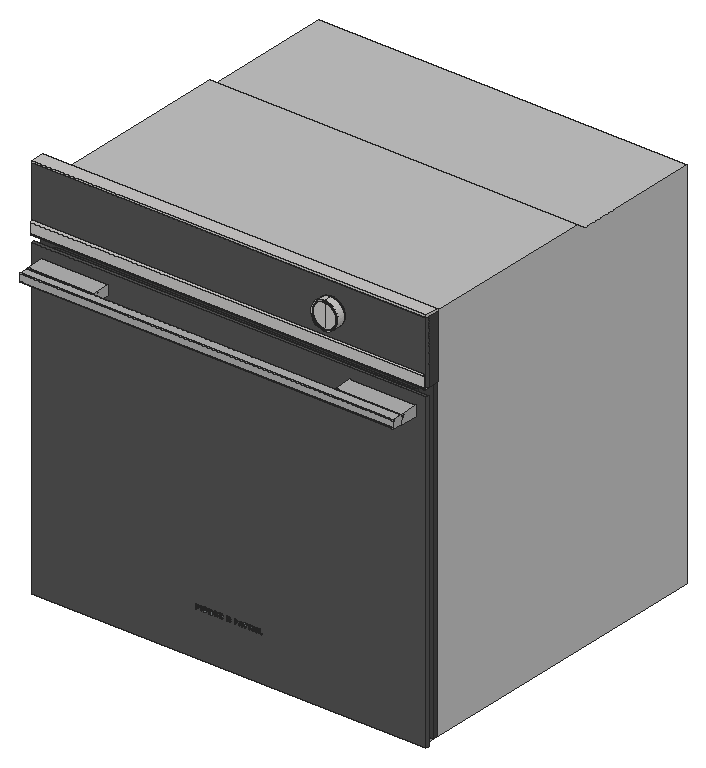
Revit family "FP-Revit18-OS24SDTDX2-CombiSteamOven-0-CA-US-90002670A", category Specialty Equipment, Revit 2018
Family settings
  Round Connector Dimension = Use Diameter
  Part Type = Normal
  OmniClass Number = 23.40.40.14.17.11
  OmniClass Title = Cookers, Ovens, Stoves
  Work Plane-Based = No
  Always vertical = Yes
  Cut with Voids When Loaded = Yes
  Shared = No
  Room Calculation Point = No
Parameters (values of type "OS24SDTDX2")
  Visibility - Clearance Required = yes
  URL = "www.fisherpaykel.com"
  Product - Width = 596 mm  # constant formula
  Product - Height = 598 mm  # constant formula
  Product - Depth = 566 mm  # constant formula
  Model = "OS24SDTDX2"
  Material - Trim = Fisher & Paykel - Stainless Steel
  Material - Structure = Fisher & Paykel - Black
  Material - Logo = Fisher & Paykel - Graphics Grey
  Material - Handle = Fisher & Paykel - Aluminium
  Material - Glass = Fisher & Paykel - Glass, Black
  Material - Buttons and Dials = Fisher & Paykel - Stainless Steel
  Material - Body = Fisher & Paykel - Grey
  Material - Bezel = Fisher & Paykel - Bezel Red
  Manufacturer = "Fisher & Paykel Appliances"
  FFL Offset [instance] = 200 mm
  Description = "24\" Combination Steam Oven"
  Connector Note - Electrical = "208-240 V, 16.5 - 19 A,  60 Hz"
  Chassis - Width = 556 mm  # constant formula
  Chassis - Height = 577 mm  # constant formula
  Chassis - Depth = 545 mm  # constant formula
  Cavity - Width = 600 mm  # constant formula
  Cavity - Height = 600 mm  # constant formula
  Cavity - Depth = 550 mm  # constant formula
Reference planes
  plane 1 "Datum": y = 0
  plane 2: z = 0
  plane 3 "Center (Left/Right)": x = 0
  plane 4 "Cavity": z = 780
  plane 5 "Product Height": z = 798
  plane 6 "Product LHS": x = -298
  plane 7 "Product RHS": x = 298
  plane 8 "Cavity LHS": x = -300
  plane 9 "Cavity RHS": x = 300
  plane 10 "Cavity - Depth": y = 550
  plane 11 "Product Depth": y = 545
  plane 12 "Front Face": y = -21
  plane 13 "Dial": x = 154.861
  plane 14 "FFL Offset": z = 200
  plane 15 "Cavity Height": z = 800
  plane 16 "KNOB 32": x = -282.5
  plane 17 "KNOB 33": x = 282.5
  plane 18 "LHS Standoff": x = -182.5
  plane 19 "RHS Standoff": x = 182.5
Forms (mm)
  Extrusion 1, solid, material "Fisher & Paykel - Grey" <- "Material - Body"
    sketch origin (0, 0, 0) x (0, 1, 0) y (0, 0, 1)
      loop
        line (0, 200) -> (527.082, 200) -> (527.082, 392.821) -> (545, 410.738) -> (545, 606.184) -> (496, 658.73) -> (496, 767.871) -> (302.605, 767.871) -> (290.524, 777) -> (0, 777) -> (0, 200)
    from -278 to 278
  Extrusion 2, void
    sketch origin (0, 0, 0) x (1, 0, 0) y (0, 1, 0)
      loop
        line (-199.196, 545) -> (-278, 545) -> (-278, 496) -> (-229.815, 496) -> (-199.196, 545)
      loop
        line (278, 496) -> (278, 545) -> (75.362, 545) -> (93.838, 526.523) -> (211.079, 526.523) -> (229.419, 496) -> (278, 496)
    from 200 to 767.871
  Extrusion 3, solid, material "Fisher & Paykel - Black" <- "Material - Structure"
    sketch origin (0, 0, 0) x (0, 1, 0) y (0, 0, 1)
      loop
        line (-17, 795.1) -> (-17, 698) -> (0, 698) -> (0, 795.1) -> (-17, 795.1)
    from -298 to 298
  Extrusion 4, solid, material "Fisher & Paykel - Glass, Black" <- "Material - Glass"
    sketch origin (0, 0, 0) x (1, 0, 0) y (0, 0, 1)
      loop
        line (-298, 687) -> (-298, 211.846) -> (298, 211.846) -> (298, 687) -> (-298, 687)
      loop
        line (-298, 699.5) -> (298, 699.5) -> (298, 795.1) -> (-298, 795.1) -> (-298, 699.5)
    from 17 to 21
  Extrusion 5, solid, material "Fisher & Paykel - Black" <- "Material - Structure"
    sketch origin (0, 0, -4.7) x (0, 1, 0) y (0, 0, 1)
      loop
        line (-17, 690.771) -> (-17, 224.7) -> (-5, 224.7) -> (-5, 687.442) -> (-14.146, 690.771) -> (-17, 690.771)
    from -272.5 to 272.5
  Extrusion 6, solid, material "Fisher & Paykel - Black" <- "Material - Structure"
    sketch origin (0, 0, 0) x (1, 0, 0) y (0, 0, 1)
      loop
        arc (269.803, 698) -> (257.581, 690.14) -> (243.393, 687) r 41.294
        line (243.393, 687) -> (-243.393, 687)
        arc (-243.393, 687) -> (-257.581, 690.14) -> (-269.803, 698) r 41.294
        line (-269.803, 698) -> (-297.5, 698) -> (-297.5, 218) -> (297.5, 218) -> (297.5, 698) -> (269.803, 698)
    from 0 to 5.4
  Extrusion 7, solid, material "Fisher & Paykel - Clearance Required", visible <- "Visibility - Clearance Required", detail levels coarse
    sketch origin (0, 0, 0) x (0, 1, 0) y (0, 0, 1)
      loop
        line (0, 800) -> (-191.375, 800) -> (-191.375, 636.155)
        arc (-191.375, 636.155) -> (-381.908, 479.03) -> (-481.8, 253.169) r 536.161
        line (-481.8, 253.169) -> (-465.804, 252.809) -> (-466.989, 210.782) -> (-451.592, 210.354) -> (-450.407, 252.375) -> (-21, 240.267) -> (-21, 200) -> (0, 200) -> (0, 800)
    from -300 to 300
  Extrusion 8, solid, material "Fisher & Paykel - Clearance Required", visible <- "Visibility - Clearance Required", detail levels coarse
    sketch origin (0, 0, 0) x (1, 0, 0) y (0, 1, 0)
      loop
        line (-280, 0) -> (280, 0) -> (280, 550) -> (-280, 550) -> (-280, 0)
    from 200 to 780
  Extrusion 9, void
    sketch origin (0, 0, 0) x (1, 0, 0) y (0, 1, 0)
      loop
        line (-300, -21) -> (300, -21) -> (300, 0) -> (-300, 0) -> (-300, -21)
    from 200 to 800
  Extrusion 10, solid, material "Fisher & Paykel - Stainless Steel" <- "Material - Trim", detail levels fine
    sketch origin (0, 0, 0) x (0, 1, 0) y (0, 0, 1)
      loop
        line (-22.95, 715.033) -> (-22.95, 699.235)
        arc (-22.95, 699.235) -> (-22.588, 698.362) -> (-21.715, 698) r 1.235
        line (-21.715, 698) -> (-18.526, 698) -> (-18.526, 699.5) -> (-21, 699.5) -> (-21, 717.646) -> (-21.788, 717.646) -> (-22.95, 715.033)
    from -298 to 298
  Extrusion 11, void
    sketch origin (0, 0, 0) x (1, 0, 0) y (0, 1, 0)
      loop
        line (-280, 550) -> (-280, 0) -> (280, 0) -> (280, 550) -> (-280, 550)
    from 200 to 780
  Extrusion 12, solid, material "Fisher & Paykel - Stainless Steel" <- "Material - Trim"
    sketch origin (154.861, 0, 0) x (0, 1, 0) y (0, 0, 1)
      loop
        line (0, 798) -> (-21, 798) -> (-21, 795.1) -> (0, 795.1) -> (0, 798)
    from -452.861 to 143.139
  Extrusion 13, solid, material "Fisher & Paykel - Graphics Grey" <- "Material - Logo", detail levels fine
    sketch origin (0, 0, 0) x (1, 0, 0) y (0, 0, 1)
      loop
        line (-50.044, 278.956) -> (-48.47, 278.956) -> (-48.47, 281.094) -> (-46.011, 281.094) -> (-46.011, 282.428) -> (-48.47, 282.428) -> (-48.47, 283.668) -> (-45.795, 283.668) -> (-45.795, 284.996) -> (-50.044, 284.996) -> (-50.044, 278.956)
      loop
        line (-42.804, 284.996) -> (-42.804, 278.956) -> (-41.23, 278.956) -> (-41.23, 284.996) -> (-42.804, 284.996)
      loop
        line (-30.724, 284.996) -> (-30.724, 278.956) -> (-29.151, 278.956) -> (-29.151, 281.376) -> (-26.839, 281.376) -> (-26.839, 278.956) -> (-25.265, 278.956) -> (-25.265, 284.996) -> (-26.839, 284.996) -> (-26.839, 282.704) -> (-29.151, 282.704) -> (-29.151, 284.996) -> (-30.724, 284.996)
      loop
        line (-21.906, 284.996) -> (-21.906, 278.956) -> (-17.602, 278.956) -> (-17.602, 280.284) -> (-20.347, 280.284) -> (-20.347, 281.376) -> (-17.838, 281.376) -> (-17.838, 282.704) -> (-20.347, 282.704) -> (-20.347, 283.668) -> (-17.602, 283.668) -> (-17.602, 284.996) -> (-21.906, 284.996)
      loop
        line (45.667, 284.996) -> (45.667, 278.956) -> (49.956, 278.956) -> (49.956, 280.284) -> (47.241, 280.284) -> (47.241, 284.996) -> (45.667, 284.996)
      loop
        line (42.431, 284.996) -> (38.112, 284.996) -> (38.112, 278.956) -> (42.431, 278.956) -> (42.431, 280.284) -> (39.687, 280.284) -> (39.687, 281.376) -> (42.195, 281.376) -> (42.195, 282.704) -> (39.687, 282.704) -> (39.687, 283.668) -> (42.431, 283.668) -> (42.431, 284.996)
      loop
        line (33.451, 282.104) -> (35.683, 284.996) -> (33.844, 284.996) -> (31.915, 282.498) -> (31.915, 284.996) -> (30.342, 284.996) -> (30.342, 278.956) -> (31.915, 278.956) -> (31.915, 281.661) -> (33.903, 278.956) -> (35.763, 278.956) -> (33.451, 282.104)
      loop
        line (21.98, 284.996) -> (24.262, 281.376) -> (24.262, 278.956) -> (25.837, 278.956) -> (25.837, 281.297) -> (28.119, 284.996) -> (26.446, 284.996) -> (25.099, 282.663) -> (23.753, 284.996) -> (21.98, 284.996)
      loop
        line (18.479, 284.996) -> (16.983, 284.996) -> (14.524, 278.956) -> (16.069, 278.956) -> (16.501, 280.068) -> (18.921, 280.068) -> (19.354, 278.956) -> (20.938, 278.956) -> (18.479, 284.996)
      loop
        line (18.4, 281.395) -> (17.693, 283.13) -> (17.018, 281.395) -> (18.4, 281.395)
      loop
        line (8.031, 284.996) -> (8.031, 278.956) -> (9.605, 278.956) -> (9.605, 280.894) -> (10.599, 280.894)
        arc (10.599, 280.894) -> (12.65, 282.945) -> (10.599, 284.996) r 2.051
        line (10.599, 284.996) -> (8.031, 284.996)
      loop
        line (9.605, 283.668) -> (9.605, 282.153) -> (10.501, 282.153)
        arc (10.501, 282.153) -> (11.259, 282.91) -> (10.501, 283.668) r 0.757
        line (10.501, 283.668) -> (9.605, 283.668)
      loop
        line (-11.783, 284.996) -> (-14.366, 284.996) -> (-14.366, 278.956) -> (-12.792, 278.956) -> (-12.792, 280.292) -> (-11.992, 280.292) -> (-10.972, 278.956) -> (-9.153, 278.956) -> (-10.694, 280.929)
        arc (-10.694, 280.929) -> (-9.678, 283.38) -> (-11.783, 284.996) r 2.179
      loop
        line (-11.897, 283.668) -> (-12.792, 283.668) -> (-12.792, 282.009) -> (-11.897, 282.009)
        arc (-11.897, 282.009) -> (-11.068, 282.838) -> (-11.897, 283.668) r 0.83
      loop
        line (0.477, 283.668) -> (0.477, 285.108) -> (-3.575, 285.108) -> (-3.575, 283.807) -> (-2.974, 283.067)
        arc (-2.974, 283.067) -> (-3.51, 279.639) -> (-0.045, 279.467) r 2.334
        line (-0.045, 279.467) -> (0.46, 278.847) -> (2.246, 278.847) -> (0.86, 280.55) -> (2.061, 282.28) -> (0.443, 282.28) -> (-0.013, 281.623) -> (-1.677, 283.668) -> (0.477, 283.668)
      loop
        arc (-2.125, 282.024) -> (-2.269, 280.624) -> (-0.868, 280.48) r 0.996
        line (-0.868, 280.48) -> (-2.125, 282.024)
      loop
        line (-35.18, 282.59) -> (-36.516, 282.866)
        arc (-36.516, 282.866) -> (-37.049, 283.399) -> (-36.516, 283.932) r 0.533
        arc (-36.516, 283.932) -> (-35.235, 283.746) -> (-34.059, 283.203) r 4.505
        line (-34.059, 283.203) -> (-34.059, 284.699)
        arc (-34.059, 284.699) -> (-35.549, 285.135) -> (-37.1, 285.065) r 4.726
        arc (-37.1, 285.065) -> (-38.536, 283.291) -> (-37.1, 281.516) r 1.814
        line (-37.1, 281.516) -> (-35.754, 281.238)
        arc (-35.754, 281.238) -> (-35.221, 280.705) -> (-35.754, 280.172) r 0.533
        arc (-35.754, 280.172) -> (-37.035, 280.358) -> (-38.211, 280.901) r 4.505
        line (-38.211, 280.901) -> (-38.211, 279.405)
        arc (-38.211, 279.405) -> (-36.72, 278.969) -> (-35.169, 279.039) r 4.726
        arc (-35.169, 279.039) -> (-33.734, 280.819) -> (-35.18, 282.59) r 1.814
    from 20 to 21
  Extrusion 14, void
    sketch origin (0, 0, 0) x (1, 0, 0) y (0, 0, 1)
      loop
        line (-229.748, 203) -> (-229.748, 200) -> (229.748, 200) -> (229.748, 203) -> (-229.748, 203)
    from -406 to 0
  Extrusion 15, solid, material "Fisher & Paykel - Aluminium" <- "Material - Handle", detail levels fine
    sketch origin (0, -22, 663.3) x (0, 1, 0) y (0, 0, 1)
      loop
        arc (-26.813, 6.16) -> (-27.196, 6.554) -> (-27.728, 6.686) r 1
        line (-27.728, 6.686) -> (-40.035, 6.256)
        arc (-40.035, 6.256) -> (-40.719, 5.951) -> (-41, 5.257) r 1
        line (-41, 5.257) -> (-41, -5.257)
        arc (-41, -5.257) -> (-40.719, -5.951) -> (-40.035, -6.256) r 1
        line (-40.035, -6.256) -> (-27.709, -6.686)
        arc (-27.709, -6.686) -> (-27.175, -6.554) -> (-26.792, -6.158) r 1
        arc (-26.792, -6.158) -> (-25.256, 0.004) -> (-26.813, 6.16) r 13.038
    from -282.5 to 282.5
  Extrusion 16, solid, material "Fisher & Paykel - Aluminium" <- "Material - Handle", detail levels fine
    sketch origin (0, -22, 663.3) x (0, 1, 0) y (0, 0, 1)
      loop
        arc (-26.626, -6.008) -> (-26.614, -6.49) -> (-26.2, -6.737) r 0.5
        line (-26.2, -6.737) -> (1, -7.732) -> (1, 7.741) -> (-26.174, 6.747)
        arc (-26.174, 6.747) -> (-26.587, 6.5) -> (-26.6, 6.019) r 0.5
        arc (-26.6, 6.019) -> (-25.156, 0.002) -> (-26.626, -6.008) r 13.136
    from 182.5 to 282.5
  Extrusion 17, solid, material "Fisher & Paykel - Aluminium" <- "Material - Handle", detail levels coarse+medium
    sketch origin (0, -23, 663.3) x (1, 0, 0) y (0, 1, 0)
      loop
        line (-282.5, -40) -> (282.5, -40) -> (282.5, 2) -> (182.5, 2) -> (182.5, -24.334) -> (-182.5, -24.334) -> (-182.5, 2) -> (-282.5, 2) -> (-282.5, -40)
    from -8.022 to 7.978
  Extrusion 18, solid, material "Fisher & Paykel - Aluminium" <- "Material - Handle", detail levels fine
    sketch origin (0, -22, 663.3) x (0, 1, 0) y (0, 0, 1)
      loop
        arc (-26.626, -6.008) -> (-26.614, -6.49) -> (-26.2, -6.737) r 0.5
        line (-26.2, -6.737) -> (1, -7.732) -> (1, 7.741) -> (-26.174, 6.747)
        arc (-26.174, 6.747) -> (-26.587, 6.5) -> (-26.6, 6.019) r 0.5
        arc (-26.6, 6.019) -> (-25.156, 0.002) -> (-26.626, -6.008) r 13.136
    from -282.5 to -182.5
  Revolve 19, solid, material "Fisher & Paykel - Stainless Steel" <- "Material - Buttons and Dials", detail levels fine
    sketch origin (154.861, -21, 753.32) x (0, 1, 0) y (0, 0, 1)
      loop
        line (0, 20.5) -> (-0.8, 20.5) -> (-0.8, 16.038) -> (-2.264, 16.038) -> (-2.264, 20.5) -> (-13.8, 20.5) -> (-13.8, 19.7) -> (-13.289, 18.5) -> (-9.2, 18.5) -> (-9.2, 17.7) -> (-13.289, 17.7) -> (-13.289, 0) -> (0, 0) -> (0, 20.5)
      axis (0, 0) -> (-13.8, 0)
    angle from 0 to 360
  Extrusion 20, solid, material "Fisher & Paykel - Bezel Red" <- "Material - Bezel", detail levels fine
    sketch origin (154.861, -21, 753.32) x (1, 0, 0) y (0, 0, 1)
      loop
        circle (0, 0) r 17.7
      loop
        circle (0, 0) r 18.5
    from 9.2 to 13.289
  Extrusion 21, solid, material "Fisher & Paykel - Stainless Steel" <- "Material - Buttons and Dials", detail levels coarse+medium
    sketch origin (0, 0, 0) x (1, 0, 0) y (0, 0, 1)
      loop
        circle (154.861, 753.32) r 20.5
    from 21 to 35
  Revolve 22, solid, material "Fisher & Paykel - Stainless Steel" <- "Material - Buttons and Dials", not visible, detail levels fine
    sketch origin (154.861, -21, 753.32) x (0, 1, 0) y (0, 0, 1)
      loop
        line (0, 20.5) -> (-0.8, 20.5) -> (-0.8, 16.038) -> (-2.264, 16.038) -> (-2.264, 20.5) -> (-13.8, 20.5) -> (-13.8, 19.7) -> (-13.289, 18.5) -> (-9.2, 18.5) -> (-9.2, 17.7) -> (-13.289, 17.7) -> (-13.289, 0) -> (0, 0) -> (0, 20.5)
      axis (0, 0) -> (-13.8, 0)
    angle from 0 to 360
  Extrusion 23, solid, material "Fisher & Paykel - Bezel Red" <- "Material - Bezel", not visible, detail levels fine
    sketch origin (154.861, -21, 753.32) x (1, 0, 0) y (0, 0, 1)
      loop
        circle (0, 0) r 17.7
      loop
        circle (0, 0) r 18.5
    from 9.2 to 13.289
  Extrusion 24, solid, material "Fisher & Paykel - Stainless Steel" <- "Material - Buttons and Dials", not visible, detail levels coarse+medium
    sketch origin (0, 0, 0) x (1, 0, 0) y (0, 0, 1)
      loop
        circle (154.861, 753.32) r 20.5
    from 21 to 35
  Sweep 25, solid, material "Fisher & Paykel - Grey" <- "Material - Body"
    path origin (-197.035, 0, 0) x (0, 1, 0) y (0, 0, 1)
      loop
        line (478.272, 708.8) -> (498.6, 708.8)
        arc (498.6, 708.8) -> (507.085, 705.285) -> (510.6, 696.8) r 12
        line (510.6, 696.8) -> (510.6, 678.8)
    profile origin (-197.035, 488.436, 708.8) x (0, 0, 1) y (1, 0, 0)
      loop
        line (0, 11) -> (-11, 11) -> (-11, -11) -> (0, -11)
        arc (0, -11) -> (11, 0) -> (0, 11) r 11
  Extrusion 26, solid, material "Fisher & Paykel - Aluminium" <- "Material - Handle", not visible, detail levels fine
    sketch origin (0, -22, 663.3) x (0, 1, 0) y (0, 0, 1)
      loop
        arc (-26.813, 6.16) -> (-27.196, 6.554) -> (-27.728, 6.686) r 1
        line (-27.728, 6.686) -> (-40.035, 6.256)
        arc (-40.035, 6.256) -> (-40.719, 5.951) -> (-41, 5.257) r 1
        line (-41, 5.257) -> (-41, -5.257)
        arc (-41, -5.257) -> (-40.719, -5.951) -> (-40.035, -6.256) r 1
        line (-40.035, -6.256) -> (-27.709, -6.686)
        arc (-27.709, -6.686) -> (-27.175, -6.554) -> (-26.792, -6.158) r 1
        arc (-26.792, -6.158) -> (-25.256, 0.004) -> (-26.813, 6.16) r 13.038
    from -282.5 to 282.5
  Extrusion 27, solid, material "Fisher & Paykel - Aluminium" <- "Material - Handle", not visible, detail levels fine
    sketch origin (0, -22, 663.3) x (0, 1, 0) y (0, 0, 1)
      loop
        arc (-26.626, -6.008) -> (-26.614, -6.49) -> (-26.2, -6.737) r 0.5
        line (-26.2, -6.737) -> (1, -7.732) -> (1, 7.741) -> (-26.174, 6.747)
        arc (-26.174, 6.747) -> (-26.587, 6.5) -> (-26.6, 6.019) r 0.5
        arc (-26.6, 6.019) -> (-25.156, 0.002) -> (-26.626, -6.008) r 13.136
    from 182.5 to 282.5
  Extrusion 28, solid, material "Fisher & Paykel - Aluminium" <- "Material - Handle", not visible, detail levels coarse+medium
    sketch origin (0, -23, 663.3) x (1, 0, 0) y (0, 1, 0)
      loop
        line (-282.5, -40) -> (282.5, -40) -> (282.5, 2) -> (182.5, 2) -> (182.5, -24.334) -> (-182.5, -24.334) -> (-182.5, 2) -> (-282.5, 2) -> (-282.5, -40)
    from -8.022 to 7.978
  Extrusion 29, solid, material "Fisher & Paykel - Aluminium" <- "Material - Handle", not visible, detail levels fine
    sketch origin (0, -22, 663.3) x (0, 1, 0) y (0, 0, 1)
      loop
        arc (-26.626, -6.008) -> (-26.614, -6.49) -> (-26.2, -6.737) r 0.5
        line (-26.2, -6.737) -> (1, -7.732) -> (1, 7.741) -> (-26.174, 6.747)
        arc (-26.174, 6.747) -> (-26.587, 6.5) -> (-26.6, 6.019) r 0.5
        arc (-26.6, 6.019) -> (-25.156, 0.002) -> (-26.626, -6.008) r 13.136
    from -282.5 to -182.5
Cuts and joins
  Extrusion 2, Extrusion 14 cuts Extrusion 1
Lines and regions (mm)
  model lines, style "Fisher & Paykel"
    curve 1: line (217.5, -21, 336) -> (-217.5, -21, 336)
    curve 2: line (217.5, -21, 619) -> (217.5, -21, 336)
    curve 3: line (-217.5, -21, 619) -> (217.5, -21, 619)
    curve 4: line (-217.5, -21, 336) -> (-217.5, -21, 619)
Text (mm)
  text "Disclaimer:\nWe endeavor to maintain the accuracy of our 3D content.\nHowever, product details are subject to change without notice.\nPlease refer to the product Data Sheets for the most current product information." at (41.04, -568.295, 0), in view "Ref. Level (Plan)"
Dimensions and locks
  equal spacing: plane 6 "Product LHS", plane 3 "Center (Left/Right)", plane 7 "Product RHS"
  "Product - Width": plane 6 "Product LHS" to plane 7 "Product RHS"
  equal spacing: plane 8 "Cavity LHS", plane 3 "Center (Left/Right)", plane 9 "Cavity RHS"
  "Cavity - Width": plane 8 "Cavity LHS" to plane 9 "Cavity RHS"
  "Cavity - Depth": plane 10 "Cavity - Depth" to plane 1 "Datum"
  "Chassis - Depth": plane 11 "Product Depth" to plane 1 "Datum"
  plane 12 "Front Face" to plane 1 "Datum" = 21 mm
  "Chassis - Width": cut or joined group of Extrusion 1, Extrusion 2, Extrusion 14 to cut or joined group of Extrusion 1, Extrusion 2, Extrusion 14
  "FFL Offset": plane 14 "FFL Offset" to level
  "Product - Height": plane 5 "Product Height" to plane 14 "FFL Offset"
  "Cavity - Height": Extrusion 7 to plane 14 "FFL Offset"
  locked: plane 4 "Cavity" to plane 14 "FFL Offset" at 580
  "Cavity - Height": plane 15 "Cavity Height" to plane 14 "FFL Offset"
  plane 16 "KNOB 32" to plane 17 "KNOB 33" = -304.8 mm
  locked: Extrusion 11 to Extrusion 11 at 560
  equal spacing: Extrusion 11, plane 3 "Center (Left/Right)", Extrusion 11
  Extrusion 4 to plane 14 "FFL Offset" = 11.846 mm
  locked: Extrusion 5 to plane 14 "FFL Offset" at 20
  plane 14 "FFL Offset" to Extrusion 3 = 498 mm
  locked: Extrusion 4 to plane 14 "FFL Offset" at 487  (x2)
  locked: Extrusion 6 sketch curve to Extrusion 6 sketch curve at 11  (x2)
  plane 14 "FFL Offset" to Extrusion 6 sketch curve = 18 mm
  locked: plane 14 "FFL Offset" to Extrusion 6 sketch curve at 498  (x2)
  locked: Extrusion 13 sketch curve to plane 14 "FFL Offset" at 78.956
  locked: cut or joined group of Extrusion 1, Extrusion 2, Extrusion 14 to plane 14 "FFL Offset" at 3
  locked: cut or joined group of Extrusion 1, Extrusion 2, Extrusion 14 to plane 14 "FFL Offset" at 577
  locked: curve 1 to plane 14 "FFL Offset" at 136
  locked: curve 3 to plane 14 "FFL Offset" at 419
  locked: cut or joined group of Extrusion 1, Extrusion 2, Extrusion 14 to plane 14 "FFL Offset" at 567.871
  locked: plane 5 "Product Height" to Extrusion 20 at 44.68
  locked: plane 4 "Cavity" to Extrusion 17 at 108.722
  locked: Extrusion 17 to plane 14 "FFL Offset" at 471.278
  "Product - Depth": plane 11 "Product Depth" to plane 12 "Front Face"
  aligned and locked: level to plane 2
  aligned and locked: plane 8 "Cavity LHS" to Extrusion 7
  aligned and locked: Extrusion 7 to plane 9 "Cavity RHS"
  aligned and locked: Extrusion 1 sketch curve to plane 14 "FFL Offset"
  aligned and locked: Extrusion 1 to Extrusion 2
  aligned and locked: plane 14 "FFL Offset" to Extrusion 7 sketch curve
  aligned and locked: Extrusion 11 to cut or joined group of Extrusion 1, Extrusion 2, Extrusion 14
  aligned and locked: plane 4 "Cavity" to Extrusion 11
  aligned and locked: plane 4 "Cavity" to Extrusion 8
  aligned and locked: Extrusion 8 to cut or joined group of Extrusion 1, Extrusion 2, Extrusion 14
  aligned and locked: Extrusion 9 to cut or joined group of Extrusion 1, Extrusion 2, Extrusion 14
  aligned and locked: Extrusion 9 to Extrusion 7
  aligned and locked: plane 15 "Cavity Height" to Extrusion 9
  aligned and locked: Extrusion 5 sketch curve to Extrusion 4
  aligned and locked: plane 5 "Product Height" to Extrusion 12 sketch curve
  aligned and locked: Extrusion 4 to Extrusion 12
  aligned and locked: Extrusion 3 to Extrusion 4
  aligned and locked: Extrusion 12 to plane 7 "Product RHS"
  aligned and locked: plane 6 "Product LHS" to Extrusion 12
  aligned and locked: plane 1 "Datum" to Extrusion 14
  aligned and locked: Extrusion 14 sketch curve to plane 14 "FFL Offset"
  aligned and locked: plane 11 "Product Depth" to cut or joined group of Extrusion 1, Extrusion 2, Extrusion 14
  aligned and locked: Extrusion 2 to cut or joined group of Extrusion 1, Extrusion 2, Extrusion 14
Automatic sketch dimensions
  Extrusion 15 sketch curve to Extrusion 15 sketch curve = 0.965 mm  (x2)
  Extrusion 15 sketch curve to Extrusion 15 sketch curve = 0.035 mm  (x4)
  Extrusion 15 sketch curve to Extrusion 15 sketch curve = 1.706 mm
  Extrusion 15 sketch curve to Extrusion 15 sketch curve = 12.307 mm
  Extrusion 15 sketch curve to Extrusion 15 sketch curve = 12.326 mm
  Extrusion 15 sketch curve to Extrusion 15 sketch curve = 0.999 mm  (x2)
  Extrusion 15 sketch curve to Extrusion 15 sketch curve = 5.238 mm
  Extrusion 15 sketch curve to Extrusion 15 sketch curve = 0 mm
  Extrusion 16 sketch curve to Extrusion 16 sketch curve = 12.091 mm
  Extrusion 16 sketch curve to Extrusion 16 sketch curve = 0.018 mm  (x2)
  Extrusion 16 sketch curve to Extrusion 16 sketch curve = 0.008 mm
  Extrusion 16 sketch curve to Extrusion 16 sketch curve = 27.174 mm
  Extrusion 16 sketch curve to Extrusion 16 sketch curve = 15.473 mm
  Extrusion 16 sketch curve to Extrusion 16 sketch curve = 0.5 mm  (x2)
  Extrusion 16 sketch curve to Extrusion 16 sketch curve = 0 mm
  Extrusion 17 sketch curve to Extrusion 17 sketch curve = 15.666 mm
  Extrusion 17 sketch curve to Extrusion 17 sketch curve = 26.334 mm  (x2)
  Extrusion 18 sketch curve to Extrusion 18 sketch curve = 12.091 mm
  Extrusion 18 sketch curve to Extrusion 18 sketch curve = 0.018 mm  (x2)
  Extrusion 18 sketch curve to Extrusion 18 sketch curve = 0.008 mm
  Extrusion 18 sketch curve to Extrusion 18 sketch curve = 27.174 mm
  Extrusion 18 sketch curve to Extrusion 18 sketch curve = 15.473 mm
  Extrusion 18 sketch curve to Extrusion 18 sketch curve = 0.5 mm  (x2)
  Extrusion 18 sketch curve to Extrusion 18 sketch curve = 0 mm
  Extrusion 15 sketch curve to Extrusion 15 sketch curve = 0.43 mm
  Extrusion 15 sketch curve to Extrusion 15 sketch curve = 5.275 mm
  Extrusion 15 sketch curve to Extrusion 15 sketch curve = 11.374 mm
  Extrusion 16 sketch curve to Extrusion 16 sketch curve = 0.995 mm
  Extrusion 16 sketch curve to Extrusion 16 sketch curve = 6.268 mm
  Extrusion 16 sketch curve to Extrusion 16 sketch curve = 12.255 mm
  Extrusion 17 sketch curve to Extrusion 17 sketch curve = 100 mm  (x2)
  Extrusion 17 sketch curve to Extrusion 17 sketch curve = 365 mm
  Extrusion 18 sketch curve to Extrusion 18 sketch curve = 0.995 mm
  Extrusion 18 sketch curve to Extrusion 18 sketch curve = 6.268 mm
  Extrusion 18 sketch curve to Extrusion 18 sketch curve = 12.255 mm
  curve 1 to plane 18 "LHS Standoff" = 35 mm
  plane 19 "RHS Standoff" to curve 3 = 35 mm
  Extrusion 20 sketch curve to Extrusion 20 sketch curve = 0 mm  (x4)
  Revolve 19 sketch curve to Revolve 19 sketch curve = 0.8 mm  (x3)
  Revolve 19 sketch curve to Revolve 19 sketch curve = 1.464 mm
  Revolve 19 sketch curve to Revolve 19 sketch curve = 6.936 mm
  Revolve 19 sketch curve to Revolve 19 sketch curve = 4.089 mm
  Revolve 19 sketch curve to Revolve 19 sketch curve = 0.511 mm
  Revolve 19 sketch curve to Revolve 19 sketch curve = 1.2 mm
  Revolve 19 sketch curve to Revolve 19 sketch curve = 0 mm  (x3)
  Revolve 19 sketch curve to Revolve 19 sketch curve = 0.329 mm
  Revolve 19 sketch curve to Revolve 19 sketch curve = 5.344 mm
  Revolve 19 sketch curve to Revolve 19 sketch curve = 16.038 mm
  Revolve 19 sketch curve to Revolve 19 sketch curve = 1.662 mm
  Extrusion 23 sketch curve to Extrusion 23 sketch curve = 0 mm  (x4)
  Revolve 22 sketch curve to Revolve 22 sketch curve = 0.8 mm  (x3)
  Revolve 22 sketch curve to Revolve 22 sketch curve = 1.464 mm
  Revolve 22 sketch curve to Revolve 22 sketch curve = 6.936 mm
  Revolve 22 sketch curve to Revolve 22 sketch curve = 4.089 mm
  Revolve 22 sketch curve to Revolve 22 sketch curve = 0.511 mm
  Revolve 22 sketch curve to Revolve 22 sketch curve = 1.2 mm
  Revolve 22 sketch curve to Revolve 22 sketch curve = 0 mm  (x3)
  Revolve 22 sketch curve to Revolve 22 sketch curve = 0.329 mm
  Revolve 22 sketch curve to Revolve 22 sketch curve = 5.344 mm
  Revolve 22 sketch curve to Revolve 22 sketch curve = 16.038 mm
  Revolve 22 sketch curve to Revolve 22 sketch curve = 1.662 mm
  Extrusion 1 sketch curve to plane 1 "Datum" = 0 mm
  Extrusion 1 sketch curve to plane 11 "Product Depth" = 0 mm
  Extrusion 1 sketch curve to plane 4 "Cavity" = 3 mm
  Extrusion 1 sketch curve to plane 11 "Product Depth" = 254.476 mm
  Extrusion 1 sketch curve to plane 4 "Cavity" = 12.129 mm
  Extrusion 1 sketch curve to Extrusion 1 sketch curve = 12.081 mm
  Extrusion 1 sketch curve to plane 11 "Product Depth" = 49 mm
  Extrusion 1 sketch curve to plane 11 "Product Depth" = 17.918 mm
  Extrusion 1 sketch curve to Extrusion 1 sketch curve = 192.821 mm
  Extrusion 1 sketch curve to Extrusion 1 sketch curve = 17.918 mm
  Extrusion 1 sketch curve to Extrusion 1 sketch curve = 161.687 mm
  Extrusion 1 sketch curve to Extrusion 1 sketch curve = 52.546 mm
  Extrusion 2 sketch curve to plane 11 "Product Depth" = 0 mm  (x2)
  Extrusion 2 sketch curve to plane 16 "KNOB 32" = 4.5 mm
  Extrusion 2 sketch curve to plane 18 "LHS Standoff" = 47.315 mm
  Extrusion 2 sketch curve to plane 18 "LHS Standoff" = 16.696 mm
  plane 3 "Center (Left/Right)" to Extrusion 2 sketch curve = 75.362 mm
  Extrusion 2 sketch curve to plane 11 "Product Depth" = 18.477 mm
  Extrusion 2 sketch curve to Extrusion 2 sketch curve = 18.477 mm
  plane 19 "RHS Standoff" to Extrusion 2 sketch curve = 28.579 mm
  Extrusion 2 sketch curve to Extrusion 2 sketch curve = 18.34 mm
  plane 17 "KNOB 33" to Extrusion 2 sketch curve = 4.5 mm
  Extrusion 2 sketch curve to plane 11 "Product Depth" = 49 mm
  Extrusion 2 sketch curve to Extrusion 2 sketch curve = 30.523 mm
  Extrusion 3 sketch curve to plane 1 "Datum" = 0 mm
  plane 12 "Front Face" to Extrusion 3 sketch curve = 4 mm
  Extrusion 3 sketch curve to plane 4 "Cavity" = 82 mm
  Extrusion 3 sketch curve to plane 5 "Product Height" = 2.9 mm
  plane 6 "Product LHS" to Extrusion 4 sketch curve = 0 mm  (x2)
  plane 7 "Product RHS" to Extrusion 4 sketch curve = 0 mm  (x2)
  plane 14 "FFL Offset" to Extrusion 4 sketch curve = 11.846 mm
  Extrusion 4 sketch curve to plane 4 "Cavity" = 93 mm
  Extrusion 4 sketch curve to Extrusion 4 sketch curve = 12.5 mm
  Extrusion 4 sketch curve to plane 5 "Product Height" = 2.9 mm
  Extrusion 5 sketch curve to Extrusion 5 sketch curve = 2.854 mm
  plane 1 "Datum" to Extrusion 5 sketch curve = 5 mm
  plane 14 "FFL Offset" to Extrusion 5 sketch curve = 20 mm
  Extrusion 5 sketch curve to plane 4 "Cavity" = 97.258 mm
  Extrusion 5 sketch curve to Extrusion 5 sketch curve = 3.329 mm
  Extrusion 6 sketch curve to plane 6 "Product LHS" = 0.5 mm
  Extrusion 6 sketch curve to plane 16 "KNOB 32" = 12.697 mm
  Extrusion 6 sketch curve to Extrusion 6 sketch curve = 26.41 mm
  Extrusion 6 sketch curve to plane 16 "KNOB 32" = 40.797 mm
  plane 17 "KNOB 33" to Extrusion 6 sketch curve = 40.797 mm
  plane 17 "KNOB 33" to Extrusion 6 sketch curve = 39.107 mm
  plane 7 "Product RHS" to Extrusion 6 sketch curve = 28.197 mm
  plane 7 "Product RHS" to Extrusion 6 sketch curve = 0.5 mm
  Extrusion 7 sketch curve to plane 15 "Cavity Height" = 0 mm
  Extrusion 7 sketch curve to plane 1 "Datum" = 0 mm
  Extrusion 7 sketch curve to plane 12 "Front Face" = 0 mm
  Extrusion 7 sketch curve to plane 12 "Front Face" = 170.375 mm
  plane 14 "FFL Offset" to Extrusion 7 sketch curve = 52.375 mm
  Extrusion 7 sketch curve to plane 12 "Front Face" = 429.407 mm
  plane 14 "FFL Offset" to Extrusion 7 sketch curve = 10.354 mm
  Extrusion 7 sketch curve to Extrusion 7 sketch curve = 1.185 mm
  plane 14 "FFL Offset" to Extrusion 7 sketch curve = 52.809 mm
  Extrusion 7 sketch curve to Extrusion 7 sketch curve = 15.397 mm  (x2)
  plane 14 "FFL Offset" to Extrusion 7 sketch curve = 10.782 mm
  plane 14 "FFL Offset" to Extrusion 7 sketch curve = 53.169 mm
  Extrusion 7 sketch curve to Extrusion 7 sketch curve = 15.996 mm
  Extrusion 7 sketch curve to plane 1 "Datum" = 45.308 mm
  Extrusion 7 sketch curve to plane 14 "FFL Offset" = 44.937 mm
  Extrusion 8 sketch curve to plane 10 "Cavity - Depth" = 0 mm
  plane 1 "Datum" to Extrusion 8 sketch curve = 0 mm
  Extrusion 8 sketch curve to plane 16 "KNOB 32" = 2.5 mm
  plane 17 "KNOB 33" to Extrusion 8 sketch curve = 2.5 mm
  plane 1 "Datum" to Extrusion 9 sketch curve = 0 mm
  Extrusion 9 sketch curve to plane 8 "Cavity LHS" = 0 mm
  Extrusion 9 sketch curve to plane 9 "Cavity RHS" = 0 mm
  Extrusion 9 sketch curve to plane 12 "Front Face" = 0 mm
  Extrusion 10 sketch curve to plane 12 "Front Face" = 0 mm
  Extrusion 10 sketch curve to plane 12 "Front Face" = 0.715 mm
  Extrusion 10 sketch curve to plane 12 "Front Face" = 0.788 mm
  Extrusion 10 sketch curve to plane 12 "Front Face" = 1.95 mm
  Extrusion 10 sketch curve to Extrusion 10 sketch curve = 2.474 mm
  Extrusion 10 sketch curve to plane 4 "Cavity" = 82 mm
  Extrusion 10 sketch curve to Extrusion 10 sketch curve = 0.265 mm
  Extrusion 10 sketch curve to Extrusion 10 sketch curve = 15.533 mm
  Extrusion 10 sketch curve to Extrusion 10 sketch curve = 2.613 mm
  plane 1 "Datum" to Extrusion 11 sketch curve = 0 mm
  Extrusion 11 sketch curve to plane 10 "Cavity - Depth" = 0 mm
  Extrusion 11 sketch curve to plane 16 "KNOB 32" = 2.5 mm
  plane 17 "KNOB 33" to Extrusion 11 sketch curve = 2.5 mm
  Extrusion 12 sketch curve to plane 12 "Front Face" = 0 mm
  Extrusion 12 sketch curve to plane 1 "Datum" = 0 mm
  Extrusion 12 sketch curve to Extrusion 12 sketch curve = 2.9 mm
  Extrusion 13 sketch curve to plane 3 "Center (Left/Right)" = 50.044 mm
  Extrusion 13 sketch curve to Extrusion 13 sketch curve = 1.574 mm  (x12)
  Extrusion 13 sketch curve to Extrusion 13 sketch curve = 2.459 mm
  Extrusion 13 sketch curve to Extrusion 13 sketch curve = 0.216 mm
  Extrusion 13 sketch curve to Extrusion 13 sketch curve = 3.207 mm
  Extrusion 13 sketch curve to Extrusion 13 sketch curve = 3.02 mm
  Extrusion 13 sketch curve to Extrusion 13 sketch curve = 1.11 mm
  Extrusion 13 sketch curve to Extrusion 13 sketch curve = 0.379 mm
  Extrusion 13 sketch curve to Extrusion 13 sketch curve = 0.206 mm  (x2)
  Extrusion 13 sketch curve to Extrusion 13 sketch curve = 0.36 mm  (x2)
  Extrusion 13 sketch curve to Extrusion 13 sketch curve = 0.402 mm
  Extrusion 13 sketch curve to Extrusion 13 sketch curve = 0 mm  (x21)
  Extrusion 13 sketch curve to Extrusion 13 sketch curve = 1.335 mm  (x2)
  Extrusion 13 sketch curve to Extrusion 13 sketch curve = 1.121 mm
  Extrusion 13 sketch curve to Extrusion 13 sketch curve = 3.335 mm
  Extrusion 13 sketch curve to Extrusion 13 sketch curve = 2.312 mm  (x2)
  Extrusion 13 sketch curve to Extrusion 13 sketch curve = 3.359 mm
  Extrusion 13 sketch curve to Extrusion 13 sketch curve = 1.559 mm
  Extrusion 13 sketch curve to Extrusion 13 sketch curve = 2.508 mm  (x2)
  Extrusion 13 sketch curve to Extrusion 13 sketch curve = 0.236 mm  (x4)
  Extrusion 13 sketch curve to Extrusion 13 sketch curve = 3.236 mm  (x2)
  Extrusion 13 sketch curve to Extrusion 13 sketch curve = 0.8 mm
  Extrusion 13 sketch curve to Extrusion 13 sketch curve = 0.895 mm
  Extrusion 13 sketch curve to Extrusion 13 sketch curve = 0.114 mm
  Extrusion 13 sketch curve to Extrusion 13 sketch curve = 1.02 mm
  Extrusion 13 sketch curve to Extrusion 13 sketch curve = 1.298 mm
  Extrusion 13 sketch curve to Extrusion 13 sketch curve = 1.82 mm
  Extrusion 13 sketch curve to plane 3 "Center (Left/Right)" = 3.575 mm
  Extrusion 13 sketch curve to Extrusion 13 sketch curve = 0.602 mm
  Extrusion 13 sketch curve to Extrusion 13 sketch curve = 0.849 mm
  Extrusion 13 sketch curve to Extrusion 13 sketch curve = 0.425 mm
  Extrusion 13 sketch curve to Extrusion 13 sketch curve = 1.297 mm
  Extrusion 13 sketch curve to Extrusion 13 sketch curve = 0.203 mm
  Extrusion 13 sketch curve to plane 3 "Center (Left/Right)" = 0.868 mm
  Extrusion 13 sketch curve to plane 3 "Center (Left/Right)" = 0.045 mm
  Extrusion 13 sketch curve to plane 3 "Center (Left/Right)" = 0.013 mm
  plane 3 "Center (Left/Right)" to Extrusion 13 sketch curve = 0.443 mm
  plane 3 "Center (Left/Right)" to Extrusion 13 sketch curve = 0.46 mm
  plane 3 "Center (Left/Right)" to Extrusion 13 sketch curve = 0.477 mm
  plane 3 "Center (Left/Right)" to Extrusion 13 sketch curve = 0.86 mm
  Extrusion 13 sketch curve to Extrusion 13 sketch curve = 1.618 mm
  Extrusion 13 sketch curve to Extrusion 13 sketch curve = 1.785 mm
  Extrusion 13 sketch curve to Extrusion 13 sketch curve = 5.971 mm
  Extrusion 13 sketch curve to Extrusion 13 sketch curve = 0.896 mm
  Extrusion 13 sketch curve to Extrusion 13 sketch curve = 0.994 mm
  Extrusion 13 sketch curve to Extrusion 13 sketch curve = 3.925 mm
  Extrusion 13 sketch curve to Extrusion 13 sketch curve = 1.545 mm
  Extrusion 13 sketch curve to Extrusion 13 sketch curve = 0.433 mm  (x2)
  Extrusion 13 sketch curve to Extrusion 13 sketch curve = 0.482 mm
  Extrusion 13 sketch curve to Extrusion 13 sketch curve = 0.517 mm
  Extrusion 13 sketch curve to Extrusion 13 sketch curve = 0.675 mm
  Extrusion 13 sketch curve to Extrusion 13 sketch curve = 1.381 mm
  Extrusion 13 sketch curve to Extrusion 13 sketch curve = 1.495 mm
  Extrusion 13 sketch curve to Extrusion 13 sketch curve = 0.522 mm
  Extrusion 13 sketch curve to Extrusion 13 sketch curve = 1.584 mm
  Extrusion 13 sketch curve to Extrusion 13 sketch curve = 3.502 mm
  Extrusion 13 sketch curve to Extrusion 13 sketch curve = 1.772 mm
  Extrusion 13 sketch curve to Extrusion 13 sketch curve = 0.51 mm
  Extrusion 13 sketch curve to Extrusion 13 sketch curve = 0.837 mm
  Extrusion 13 sketch curve to Extrusion 13 sketch curve = 0.737 mm
  Extrusion 13 sketch curve to Extrusion 13 sketch curve = 2.694 mm
  Extrusion 13 sketch curve to Extrusion 13 sketch curve = 1.673 mm
  Extrusion 13 sketch curve to Extrusion 13 sketch curve = 2.223 mm
  Extrusion 13 sketch curve to Extrusion 13 sketch curve = 1.535 mm
  Extrusion 13 sketch curve to Extrusion 13 sketch curve = 1.928 mm
  Extrusion 13 sketch curve to Extrusion 13 sketch curve = 1.987 mm
  Extrusion 13 sketch curve to Extrusion 13 sketch curve = 1.839 mm
  Extrusion 13 sketch curve to Extrusion 13 sketch curve = 1.86 mm
  Extrusion 13 sketch curve to Extrusion 13 sketch curve = 2.429 mm
  Extrusion 13 sketch curve to Extrusion 13 sketch curve = 2.715 mm
  Extrusion 13 sketch curve to Extrusion 13 sketch curve = 0.109 mm  (x5)
  Extrusion 13 sketch curve to Extrusion 13 sketch curve = 0.449 mm
  Extrusion 13 sketch curve to Extrusion 13 sketch curve = 0.023 mm
  Extrusion 13 sketch curve to Extrusion 13 sketch curve = 0.621 mm
  Extrusion 13 sketch curve to Extrusion 13 sketch curve = 1.112 mm
  Extrusion 13 sketch curve to Extrusion 13 sketch curve = 1.328 mm  (x10)
  Extrusion 13 sketch curve to Extrusion 13 sketch curve = 1.336 mm
  Extrusion 13 sketch curve to Extrusion 13 sketch curve = 1.015 mm
  Extrusion 13 sketch curve to Extrusion 13 sketch curve = 1.012 mm
  Extrusion 13 sketch curve to Extrusion 13 sketch curve = 1.082 mm
  Extrusion 13 sketch curve to Extrusion 13 sketch curve = 0.262 mm  (x2)
  Extrusion 13 sketch curve to Extrusion 13 sketch curve = 1.938 mm
  Extrusion 13 sketch curve to Extrusion 13 sketch curve = 1.496 mm  (x2)
  Extrusion 13 sketch curve to Extrusion 13 sketch curve = 0.637 mm
  Extrusion 13 sketch curve to Extrusion 13 sketch curve = 2.138 mm
  Extrusion 13 sketch curve to Extrusion 13 sketch curve = 0.632 mm
  Extrusion 13 sketch curve to Extrusion 13 sketch curve = 0.424 mm  (x2)
  Extrusion 13 sketch curve to Extrusion 13 sketch curve = 0.14 mm
  Extrusion 13 sketch curve to Extrusion 13 sketch curve = 2.341 mm
  Extrusion 13 sketch curve to Extrusion 13 sketch curve = 1.092 mm  (x2)
  Extrusion 13 sketch curve to Extrusion 13 sketch curve = 2.42 mm
  Extrusion 13 sketch curve to Extrusion 13 sketch curve = 0.079 mm
  Extrusion 13 sketch curve to Extrusion 13 sketch curve = 0.616 mm
  Extrusion 13 sketch curve to Extrusion 13 sketch curve = 1.073 mm
  Extrusion 13 sketch curve to Extrusion 13 sketch curve = 2.705 mm
  Extrusion 13 sketch curve to Extrusion 13 sketch curve = 1.716 mm
  Extrusion 13 sketch curve to Extrusion 13 sketch curve = 0.442 mm
  Extrusion 13 sketch curve to Extrusion 13 sketch curve = 1.259 mm
  Extrusion 13 sketch curve to Extrusion 13 sketch curve = 1.73 mm
  Extrusion 13 sketch curve to Extrusion 13 sketch curve = 0.836 mm
  Extrusion 13 sketch curve to Extrusion 13 sketch curve = 1.352 mm
  Extrusion 13 sketch curve to Extrusion 13 sketch curve = 1.287 mm
  Extrusion 13 sketch curve to Extrusion 13 sketch curve = 0.808 mm
  Extrusion 13 sketch curve to Extrusion 13 sketch curve = 0.022 mm
  Extrusion 13 sketch curve to Extrusion 13 sketch curve = 0.276 mm
  Extrusion 13 sketch curve to Extrusion 13 sketch curve = 0.757 mm
  Extrusion 13 sketch curve to Extrusion 13 sketch curve = 0.034 mm
  Extrusion 13 sketch curve to Extrusion 13 sketch curve = 1.735 mm
  Extrusion 13 sketch curve to Extrusion 13 sketch curve = 0.614 mm
  Extrusion 13 sketch curve to Extrusion 13 sketch curve = 0.6 mm
  Extrusion 13 sketch curve to Extrusion 13 sketch curve = 0.964 mm  (x2)
  Extrusion 13 sketch curve to Extrusion 13 sketch curve = 1.24 mm
  Extrusion 13 sketch curve to Extrusion 13 sketch curve = 0.739 mm
  Extrusion 13 sketch curve to Extrusion 13 sketch curve = 0.744 mm
  Extrusion 13 sketch curve to Extrusion 13 sketch curve = 2.292 mm  (x2)
  Extrusion 13 sketch curve to Extrusion 13 sketch curve = 1.866 mm
  Extrusion 13 sketch curve to Extrusion 13 sketch curve = 2.892 mm
  Extrusion 13 sketch curve to Extrusion 13 sketch curve = 2.498 mm
  Extrusion 13 sketch curve to Extrusion 13 sketch curve = 1.302 mm
  plane 14 "FFL Offset" to Extrusion 14 sketch curve = 3 mm
  Extrusion 14 sketch curve to plane 18 "LHS Standoff" = 47.248 mm
  plane 19 "RHS Standoff" to Extrusion 14 sketch curve = 47.248 mm
  Sweep 25 sketch curve to plane 10 "Cavity - Depth" = 51.4 mm
  Sweep 25 sketch curve to Sweep 25 sketch curve = 12 mm
  Sweep 25 sketch curve to plane 4 "Cavity" = 83.2 mm
  Sweep 25 sketch curve to Sweep 25 sketch curve = 20.328 mm
  Sweep 25 sketch curve to Sweep 25 sketch curve = 18 mm
  Sweep 25 sketch curve to profile plane = 0 mm  (x2)
  profile plane to Sweep 25 sketch curve = 11 mm
  Sweep 25 sketch curve to profile plane = 11 mm
  Extrusion 26 sketch curve to Extrusion 26 sketch curve = 0.965 mm  (x2)
  Extrusion 26 sketch curve to Extrusion 26 sketch curve = 0.035 mm  (x4)
  Extrusion 26 sketch curve to Extrusion 26 sketch curve = 1.706 mm
  Extrusion 26 sketch curve to Extrusion 26 sketch curve = 12.307 mm
  Extrusion 26 sketch curve to Extrusion 26 sketch curve = 12.326 mm
  Extrusion 26 sketch curve to Extrusion 26 sketch curve = 0.999 mm  (x2)
  Extrusion 26 sketch curve to Extrusion 26 sketch curve = 5.238 mm
  Extrusion 26 sketch curve to Extrusion 26 sketch curve = 0 mm
  Extrusion 27 sketch curve to Extrusion 27 sketch curve = 12.091 mm
  Extrusion 27 sketch curve to Extrusion 27 sketch curve = 0.018 mm  (x2)
  Extrusion 27 sketch curve to Extrusion 27 sketch curve = 0.008 mm
  Extrusion 27 sketch curve to Extrusion 27 sketch curve = 27.174 mm
  Extrusion 27 sketch curve to Extrusion 27 sketch curve = 15.473 mm
  Extrusion 27 sketch curve to Extrusion 27 sketch curve = 0.5 mm  (x2)
  Extrusion 27 sketch curve to Extrusion 27 sketch curve = 0 mm
  Extrusion 28 sketch curve to Extrusion 28 sketch curve = 15.666 mm
  Extrusion 28 sketch curve to Extrusion 28 sketch curve = 26.334 mm  (x2)
  Extrusion 29 sketch curve to Extrusion 29 sketch curve = 12.091 mm
  Extrusion 29 sketch curve to Extrusion 29 sketch curve = 0.018 mm  (x2)
  Extrusion 29 sketch curve to Extrusion 29 sketch curve = 0.008 mm
  Extrusion 29 sketch curve to Extrusion 29 sketch curve = 27.174 mm
  Extrusion 29 sketch curve to Extrusion 29 sketch curve = 15.473 mm
  Extrusion 29 sketch curve to Extrusion 29 sketch curve = 0.5 mm  (x2)
  Extrusion 29 sketch curve to Extrusion 29 sketch curve = 0 mm
  Extrusion 26 sketch curve to Extrusion 26 sketch curve = 0.43 mm
  Extrusion 26 sketch curve to Extrusion 26 sketch curve = 5.275 mm
  Extrusion 26 sketch curve to Extrusion 26 sketch curve = 11.374 mm
  Extrusion 27 sketch curve to Extrusion 27 sketch curve = 0.995 mm
  Extrusion 27 sketch curve to Extrusion 27 sketch curve = 6.268 mm
  Extrusion 27 sketch curve to Extrusion 27 sketch curve = 12.255 mm
  Extrusion 28 sketch curve to Extrusion 28 sketch curve = 100 mm  (x2)
  Extrusion 28 sketch curve to Extrusion 28 sketch curve = 365 mm
  Extrusion 29 sketch curve to Extrusion 29 sketch curve = 0.995 mm
  Extrusion 29 sketch curve to Extrusion 29 sketch curve = 6.268 mm
  Extrusion 29 sketch curve to Extrusion 29 sketch curve = 12.255 mm
  radius of Extrusion 20 sketch curve = 17.7 mm
  radius of Extrusion 20 sketch curve = 18.5 mm
  radius of Extrusion 21 sketch curve = 20.5 mm
  radius of Extrusion 23 sketch curve = 17.7 mm
  radius of Extrusion 23 sketch curve = 18.5 mm
  radius of Extrusion 24 sketch curve = 20.5 mm
Connectors
  electrical at (-197.035, 505.1, 678.8), driven by "Connector Note - Electrical"
    settings: on Sweep 25, index 1, voltage 208 V, apparent load 0 VA, apparent load phase1 0 VA, apparent load phase2 0 VA, apparent load phase3 0 VA, power factor 1, load classification "Other", number of poles 1, system type 30, power factor state 1, is connector primary yes, connector utility no, sub classification motor no, connector description "208-240 V, 16.5 - 19 A,  60 Hz"
